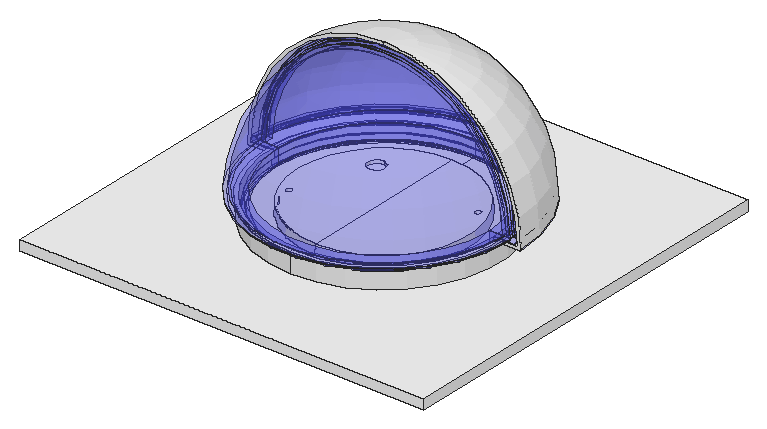
Revit family "BE_24024_de_DE", category Leuchten, Revit 2020
Family settings
  Basisbauteil = Fläche
  Bemaßung runder Anschluss = Durchmesser verwenden
  Teiletyp = Normal
  Beim Laden mit Abzugskörper schneiden = Ja
  Lichtquelle = Ja
  Gemeinsam genutzt = Nein
  Raumberechnungspunkt = Ja
Parameters (values of type "BEGA_24024_Weiß_K3")
  built-in parameter 1150104 = 8.8258 (stored number, unit not read)
  Wattage = 16 W
  Default Elevation = 0 mm
  built-in parameter 1150113 = 1 (stored number, unit not read)
  built-in parameter 1114218 = 1 (stored number, unit not read)
  Umgebungstemperatur = "25 °C"
  URL = "https://www.bega.com/de/produkt/24024"
  Typenkommentare = "© 2022 BEGA. Wir behalten uns das Recht vor, technische Änderungen ohne vorherige Ankündigung vorzunehmen."  # constant formula
  Type Image = 24024.png
  built-in parameter 1150134 = (empty or 0)
  built-in parameter 1150109 = 1 (stored number, unit not read)
  Strom = ""
  built-in parameter 1150110 = 1 (stored number, unit not read)
  Spannung = 230 V
  Sonderanfertigung = no
  Seriennummer [instance] = "Hier können Sie die eindeutige Seriennummer für das Facility Management eintragen."
  Schutzklasse = "I"
  Schutzart = "IP 44"
  Scheinlast = 0 VA
  Produktdatenblatt = "https://cdn.bega.com/bega/products/24024K3/current/documents/data-sheets/de"
  Oberflächentemperatur = ""
  Neigungswinkel = 0.00°
  Modell = "24024WK3"
  Material_17 = BEGA_Reflektor
  Material_15 = BEGA_Leuchtmedium_matt
  Material_11 = BEGA_Glas_opal
  Material_09 = BEGA_Glas_klar
  Material_06 = BEGA_Oberfläche_Edelstahl_gebürstet
  Material_03 = BEGA_Oberfläche_Weiss_matt
  Material_02 = BEGA_Oberfläche_Silber_matt
  Material_01 [instance] = BEGA_Oberfläche_Grafit_matt
  M_W = yes
  M_G = no
  M_A = no
  Logo = 0
  built-in parameter 1114217 = 1 (stored number, unit not read)
  built-in parameter 1150139 = (empty or 0)
  built-in parameter 1150105 = 120.96 (stored number, unit not read)
  built-in parameter 1150114 = 1 (stored number, unit not read)
  Lumens = 1520 lm
  built-in parameter 1150115 = 1 (stored number, unit not read)
  Leuchtenlichtstrom = "708 lm"
  Leuchtenanzahl = ""
  Lebensdauerkriterien = "L70B50 @ 25 °C = 82000 h"
  Lastklassifizierung = Beleuchtung
  built-in parameter 1150112 = 1 (stored number, unit not read)
  Lampenlichtstrom = "1520 lm"
  Lampe = "LED 14 W"
  LED_Modulbezeichnung = "LED-1246/830"
  built-in parameter 1150142 = (empty or 0)
  Hersteller = "BEGA"  # constant formula
  Halbstreuwinkel = ""
  Gewicht = "2.35 kg"
  Gebrauchslageneinschränkung [instance] = ""
  Frequenz = "50/60 Hz"
  Farbwiedergabeindex = "CRI > 80"
  Farbtemperaturverschiebung bei Dämpfen der Lampe = <Keine Auswahl>
  Farbtemperatur = "3000 K"
  Color Filter = 16777215
  built-in parameter 1150133 = 10 (stored number, unit not read)
  Energieeffizienzklasse = "LED A++ - A"
  built-in parameter 1150137 = (empty or 0)
  built-in parameter 1150132 = (empty or 0)
  ENEC = "ja"
  Dimmbar [instance] = "Phasenan- oder -abschnittdimmer"
  Datei für fotometrisches Netz = "BE_24024K3.IES"
  CE_Konformität = "ja"
  Bestellnummer = "24024WK3"
  Beschreibung_Sonderanfertigung = "Hier können Sie Informationen zur Sonderanfertigung eintragen."
  Beschreibung = "Wandleuchte"
  built-in parameter 1150106 = 1.2096 (stored number, unit not read)
  Befestigungsbohrung = "Ø 5,5 mm"
  Befestigungsabstand = "150 mm"
  Ballwurfsicher = ""
  BEGA_Intern_aus = yes
  BEGA_Intern_an = yes
  BEGA_Intern_Konstruktion = yes
  BEGA_Intern = yes
  BEGA_IES = yes
  BEGA_Dummy = no
  Anschlussleitung = ""
  Anschlussleistung [instance] = "14 W"
  Anschlusskasten = ""
  built-in parameter 1150107 = 3000 (stored number, unit not read)
  built-in parameter 1150102 = (empty or 0)
  built-in parameter 1150138 = (empty or 0)
  Aktualisierung = "2022-05-18T04:00:07"
  Abstand_zur_angestrahlten_Fläche [instance] = ""
  AC/DC = "AC"
Types (2, lengths in mm): name | Modell | M_W | M_G | Bestellnummer
  BEGA_24024_Weiß_K3 | "24024WK3" | yes | no | "24024WK3"
  BEGA_24024_Grafit_K3 | "24024K3" | no | yes | "24024K3"
Reference planes
  plane 1 "Mitte (Vorne/Hinten)": y = 0
  plane 2: z = 0
  plane 3 "Mitte (Links/Rechts)": x = 0
  plane 4 "Links": x = -135
  plane 5 "Rechts": x = 135
  plane 6 "Unten": y = -124.366
  plane 7 "Oben": y = 135.581
  plane 8 "Vorne": z = 157.599
  plane 9 "Hinten": z = 0
Forms (mm)
  Extrusion 1, solid, material "BEGA_Platte_Weiss"
    sketch origin (0, -1119.2, 0) x (1, 0, 0) y (0, 1, 0)
      loop
        line (-200, 1319.2) -> (-200, 919.2) -> (200, 919.2) -> (200, 1319.2) -> (-200, 1319.2)
    from 0 to -10
  Extrusion 2, solid, material "BEGA_Dummy_matt", visible <- "BEGA_Dummy"
    sketch origin (77.149, -76.023, 0) x (1, 0, 0) y (0, 1, 0)
      loop
        circle (-77.149, 76.023) r 135
    from 0 to 157.599
Dimensions and locks
  plane 1 "Mitte (Vorne/Hinten)" to Extrusion 1 = 200 mm
  aligned and locked: plane 2 to Extrusion 1
  aligned and locked: level to Extrusion 1
Nested families
  nested 1: "BE_24024" at (0, 0, 0) x (0, -1, 0) z (0, 0, 1), type "BE_24024"
Connectors
  electrical at (0, 0, 0), driven by "Lastklassifizierung", driven by "Spannung", driven by "Scheinlast"
    settings: index 1, voltage 230 V, apparent load 0 VA, apparent load phase1 0 VA, apparent load phase2 0 VA, apparent load phase3 0 VA, power factor 1, load classification "Beleuchtung", number of poles 1, system type 31, power factor state 1, is connector primary yes, connector utility no, sub classification motor no, connector description ""
Definition of nested family "BE_24024"
  Parameters (values of type "BE_24024")
    Default Elevation = 1 mm
    URL = "http://www.bega.de/de/produkt"
    Type Comments = "© 2015 BEGA. Wir behalten uns das Recht vor, technische Änderungen ohne vorherige Ankündigung vorzunehmen. "  # constant formula
    Type Image = (empty or 0)
    Neigungswinkel_um_Z2 = 0.00°
    Neigungswinkel_um_Z1 = 0.00°
    Neigungswinkel_um_Y2 = 0.00°
    Neigungswinkel_um_Y1 = 0.00°
    Neigungswinkel_um_X2 = 0.00°
    Neigungswinkel_um_X1 = 0.00°
    Material_17 = none
    Material_15 = none
    Material_11 = none
    Material_09 = none
    Material_06 = none
    Material_05 = none
    Material_03 = none
    Material_02 = none
    Material_01 = none
    M_W = yes
    M_G = yes
    M_A = yes
    Länge_Platte = 350 mm  # constant formula
    Höhe_Platte = -10 mm  # constant formula
    Manufacturer = "BEGA"  # constant formula
    Drehwinkel_um_Z2 = 0.00°
    Drehwinkel_um_Z1 = 0.00°
    Breite_Platte = 350 mm  # constant formula
  Reference planes
    plane 1 "Mitte (Oben/Unten)": y = 0
    plane 2: z = 0
    plane 3 "Mitte (Links/Rechts)": x = 0
    plane 4 "Unten": y = -135
    plane 5: x = -135.581
    plane 6: z = 157.599
    plane 7: x = 124.366
    plane 8: y = 135
  Forms (mm)
    Extrusion 1, solid, detail levels medium
      sketch origin (0, 0, 0) x (1, 0, 0) y (0, 1, 0)
        loop
          line (-175, 175) -> (-175, -175) -> (175, -175) -> (175, 175) -> (-175, 175)
      from 0 to -10 <- "Höhe_Platte"
    Revolve 2, solid, material <- "Material_01", visible <- "M_G", detail levels medium+fine
      sketch origin (0, 0, 0) x (1, 0, 0) y (0, 0, 1)
        loop
          line (-115.28, 20.21) -> (-114.662, 2.5) -> (-112.01, 2.5) -> (-112.01, 3.7) -> (-85.19, 3.7)
          arc (-85.19, 3.7) -> (-83.125, 4.524) -> (-82.194, 6.543) r 3
          line (-82.194, 6.543) -> (-81.829, 13.5) -> (0, 13.5) -> (0, 16.3) -> (-84.486, 16.3) -> (-85, 6.5) -> (-111.034, 6.5)
          arc (-111.034, 6.5) -> (-111.729, 6.78) -> (-112.034, 7.464) r 1
          line (-112.034, 7.464) -> (-112.559, 22.5) -> (-116, 22.5) -> (-116, 20.8) -> (-115.28, 20.21)
        axis (0, 2.5) -> (0, 22.5)
      angle from 0 to 360
    Revolve 3, solid, material <- "Material_01", visible <- "M_G", detail levels medium+fine
      sketch origin (0, 0, 0) x (1, 0, 0) y (0, 0, 1)
        loop
          arc (97.552, 1.995) -> (98.421, 0.562) -> (100, 0) r 2.5
          line (100, 0) -> (100, 3.7) -> (97.2, 3.7) -> (97.552, 1.995)
        axis (100, 0) -> (100, 3.7)
      angle from 0 to 360
    Revolve 4, solid, material <- "Material_01", visible <- "M_G", detail levels medium+fine
      sketch origin (0, 0, 0) x (-0.5, -0.866025, 0) y (0, 0, 1)
        loop
          arc (97.552, 1.995) -> (98.421, 0.562) -> (100, 0) r 2.5
          line (100, 0) -> (100, 3.7) -> (97.2, 3.7) -> (97.552, 1.995)
        axis (100, 0) -> (100, 3.7)
      angle from 0 to 360
    Revolve 5, solid, material <- "Material_01", visible <- "M_G", detail levels medium+fine
      sketch origin (0, 0, 0) x (-0.5, 0.866025, 0) y (0, 0, 1)
        loop
          arc (97.552, 1.995) -> (98.421, 0.562) -> (100, 0) r 2.5
          line (100, 0) -> (100, 3.7) -> (97.2, 3.7) -> (97.552, 1.995)
        axis (100, 0) -> (100, 3.7)
      angle from 0 to 360
    Revolve 6, solid, material <- "Material_11", detail levels medium+fine
      sketch origin (0, 0, 0) x (1, 0, 0) y (0, 0, 1)
        loop
          arc (120.255, 28.994) -> (119.73, 27.541) -> (118.326, 26.896) r 2
          line (118.326, 26.896) -> (103.904, 26.896) -> (103.904, 12.5) -> (106.404, 10.5) -> (106.404, 8.5) -> (110.404, 8.5) -> (110.404, 14.159) -> (107.904, 16.31) -> (107.904, 23) -> (121.44, 23)
          arc (121.44, 23) -> (123.54, 23.931) -> (124.366, 26.073) r 3
          arc (124.366, 26.073) -> (86.699, 112.469) -> (-0.596, 148) r 125
          line (-0.596, 148) -> (-0.596, 144)
          arc (-0.596, 144) -> (82.818, 110.654) -> (120.255, 28.994) r 121
        axis (-0.596, 8.5) -> (-0.596, 148)
      angle from -90 to 90
    Revolve 7, solid, material <- "Material_11", detail levels medium+fine
      sketch origin (0, 0, 0) x (1, 0, 0) y (0, 0, 1)
        loop
          arc (-0.596, 148) -> (-2.154, 147.99) -> (-3.712, 147.961) r 125
          arc (-3.712, 147.961) -> (-5.096, 148.509) -> (-5.756, 149.826) r 2
          line (-5.756, 149.826) -> (-5.943, 151.965)
          arc (-5.943, 151.965) -> (-6.633, 153.307) -> (-8.062, 153.787) r 2
          arc (-8.062, 153.787) -> (-94.482, 114.359) -> (-131.538, 26.896) r 131
          line (-131.538, 26.896) -> (-127.536, 26.896)
          arc (-127.536, 26.896) -> (-92.759, 110.378) -> (-11.248, 149.552) r 127
          arc (-11.248, 149.552) -> (-10.152, 149.202) -> (-9.627, 148.179) r 1.5
          line (-9.627, 148.179) -> (-9.234, 143.691)
          arc (-9.234, 143.691) -> (-4.918, 143.923) -> (-0.596, 144) r 121
          line (-0.596, 144) -> (-0.596, 148)
        axis (-131.538, 26.896) -> (-0.596, 26.896)
      angle from -90 to 90
    Revolve 8, solid, material <- "Material_11", detail levels medium+fine
      sketch origin (0, 0, 0) x (1, 0, 0) y (0, 0, 1)
        loop
          line (-109.096, 23) -> (-109.096, 16.31) -> (-111.596, 14.159) -> (-111.596, 8.5) -> (-107.596, 8.5) -> (-107.596, 10.349) -> (-105.096, 12.5) -> (-105.096, 26.896) -> (-125.528, 26.896)
          arc (-125.528, 26.896) -> (-126.932, 27.541) -> (-127.457, 28.994) r 2
          line (-127.457, 28.994) -> (-131.459, 28.994)
          arc (-131.459, 28.994) -> (-131.518, 27.532) -> (-131.56, 26.07) r 131
          arc (-131.56, 26.07) -> (-130.727, 23.925) -> (-128.619, 23) r 3
          line (-128.619, 23) -> (-109.096, 23)
        axis (-0.596, 28.994) -> (-0.596, 8.5)
      angle from -90 to 90
    Revolve 9, solid, material <- "Material_01", visible <- "M_G"
      sketch origin (0, 0, 0) x (1, 0, 0) y (0, 0, 1)
        loop
          arc (-1.098, 157.601) -> (-96.942, 117.165) -> (-135.58, 20.582) r 135
          arc (-135.58, 20.582) -> (-135.282, 19.886) -> (-134.581, 19.599) r 1
          line (-134.581, 19.599) -> (-117.346, 19.599) -> (-117.346, 22.5) -> (-132.596, 22.5)
          arc (-132.596, 22.5) -> (-93.969, 115.903) -> (-0.596, 154.6) r 132
          line (-0.596, 154.6) -> (-0.596, 157.099)
          arc (-0.596, 157.099) -> (-0.743, 157.453) -> (-1.098, 157.601) r 0.5
        axis (-0.596, 157.601) -> (-0.596, 19.599)
      angle from -90 to 90
    Extrusion 10, void
      sketch origin (0, 0, 0) x (1, 0, 0) y (0, 1, 0)
        loop
          circle (-31.696, 67.973) r 2.75
        loop
          circle (31.696, -67.973) r 2.75
        loop
          circle (-41, -40) r 8.5
      from 0 to 17.6
    Revolve 11, solid, material <- "Material_03", visible <- "M_W"
      sketch origin (0, 0, 0) x (1, 0, 0) y (0, 0, 1)
        loop
          arc (-1.098, 157.601) -> (-96.942, 117.165) -> (-135.58, 20.582) r 135
          arc (-135.58, 20.582) -> (-135.282, 19.886) -> (-134.581, 19.599) r 1
          line (-134.581, 19.599) -> (-117.346, 19.599) -> (-117.346, 22.5) -> (-132.596, 22.5)
          arc (-132.596, 22.5) -> (-93.969, 115.903) -> (-0.596, 154.6) r 132
          line (-0.596, 154.6) -> (-0.596, 157.099)
          arc (-0.596, 157.099) -> (-0.743, 157.453) -> (-1.098, 157.601) r 0.5
        axis (-0.596, 157.601) -> (-0.596, 19.599)
      angle from -90 to 90
    Revolve 12, solid, material <- "Material_03", visible <- "M_W", detail levels medium+fine
      sketch origin (0, 0, 0) x (1, 0, 0) y (0, 0, 1)
        loop
          line (-115.28, 20.21) -> (-114.662, 2.5) -> (-112.01, 2.5) -> (-112.01, 3.7) -> (-85.19, 3.7)
          arc (-85.19, 3.7) -> (-83.125, 4.524) -> (-82.194, 6.543) r 3
          line (-82.194, 6.543) -> (-81.829, 13.5) -> (0, 13.5) -> (0, 16.3) -> (-84.486, 16.3) -> (-85, 6.5) -> (-111.034, 6.5)
          arc (-111.034, 6.5) -> (-111.729, 6.78) -> (-112.034, 7.464) r 1
          line (-112.034, 7.464) -> (-112.559, 22.5) -> (-116, 22.5) -> (-116, 20.8) -> (-115.28, 20.21)
        axis (0, 2.5) -> (0, 22.5)
      angle from 0 to 360
    Revolve 13, solid, material <- "Material_03", visible <- "M_W", detail levels medium+fine
      sketch origin (0, 0, 0) x (1, 0, 0) y (0, 0, 1)
        loop
          arc (97.552, 1.995) -> (98.421, 0.562) -> (100, 0) r 2.5
          line (100, 0) -> (100, 3.7) -> (97.2, 3.7) -> (97.552, 1.995)
        axis (100, 0) -> (100, 3.7)
      angle from 0 to 360
    Revolve 14, solid, material <- "Material_03", visible <- "M_W", detail levels medium+fine
      sketch origin (0, 0, 0) x (-0.5, -0.866025, 0) y (0, 0, 1)
        loop
          arc (97.552, 1.995) -> (98.421, 0.562) -> (100, 0) r 2.5
          line (100, 0) -> (100, 3.7) -> (97.2, 3.7) -> (97.552, 1.995)
        axis (100, 0) -> (100, 3.7)
      angle from 0 to 360
    Revolve 15, solid, material <- "Material_03", visible <- "M_W", detail levels medium+fine
      sketch origin (0, 0, 0) x (-0.5, 0.866025, 0) y (0, 0, 1)
        loop
          arc (97.552, 1.995) -> (98.421, 0.562) -> (100, 0) r 2.5
          line (100, 0) -> (100, 3.7) -> (97.2, 3.7) -> (97.552, 1.995)
        axis (100, 0) -> (100, 3.7)
      angle from 0 to 360
  Cuts and joins
    Extrusion 10 cuts Revolve 2
    Extrusion 10 cuts Revolve 3
    Extrusion 10 cuts Revolve 4
    Extrusion 10 cuts Revolve 5
    joined: Revolve 2, Revolve 3, Revolve 4, Revolve 5
    Extrusion 10 cuts Revolve 6
    Extrusion 10 cuts Revolve 7
    joined: Revolve 6, Revolve 7
    Extrusion 10 cuts Revolve 9
    Extrusion 10 cuts Revolve 12
    joined: Revolve 12, Revolve 13, Revolve 14, Revolve 15
  Dimensions and locks
    equal spacing: Extrusion 1 sketch curve, plane 3 "Mitte (Links/Rechts)", Extrusion 1 sketch curve
    equal spacing: Extrusion 1 sketch curve, plane 1 "Mitte (Oben/Unten)", Extrusion 1 sketch curve
    "Länge_Platte": Extrusion 1 sketch curve to Extrusion 1 sketch curve
    "Breite_Platte": Extrusion 1 sketch curve to Extrusion 1 sketch curve
    aligned and locked: plane 2 to Extrusion 1
    aligned and locked: level to Extrusion 1
  Automatic sketch dimensions
    Revolve 3 sketch curve to Revolve 3 sketch curve = 2.8 mm
    Revolve 3 sketch curve to Revolve 3 sketch curve = 0 mm  (x6)
    Revolve 3 sketch curve to Revolve 3 sketch curve = 1.2 mm
    Revolve 3 sketch curve to Revolve 3 sketch curve = 0.352 mm
    Revolve 3 sketch curve to Revolve 3 sketch curve = 2.5 mm
    Revolve 4 sketch curve to Revolve 4 sketch curve = 2.8 mm
    Revolve 4 sketch curve to Revolve 4 sketch curve = 0 mm  (x6)
    Revolve 4 sketch curve to Revolve 4 sketch curve = 1.2 mm
    Revolve 4 sketch curve to Revolve 4 sketch curve = 0.352 mm
    Revolve 4 sketch curve to Revolve 4 sketch curve = 2.5 mm
    Revolve 5 sketch curve to Revolve 5 sketch curve = 2.8 mm
    Revolve 5 sketch curve to Revolve 5 sketch curve = 0 mm  (x6)
    Revolve 5 sketch curve to Revolve 5 sketch curve = 1.2 mm
    Revolve 5 sketch curve to Revolve 5 sketch curve = 0.352 mm
    Revolve 5 sketch curve to Revolve 5 sketch curve = 2.5 mm
    level to Revolve 3 sketch curve = 3.7 mm
    plane 3 "Mitte (Links/Rechts)" to Revolve 3 sketch curve = 97.2 mm
    level to Revolve 4 sketch curve = 3.7 mm
    level to Revolve 5 sketch curve = 3.7 mm
    Revolve 6 sketch curve to plane 3 "Mitte (Links/Rechts)" = 0.596 mm  (x3)
    level to Revolve 6 sketch curve = 12.5 mm
    Revolve 6 sketch curve to Revolve 6 sketch curve = 2.5 mm  (x2)
    level to Revolve 6 sketch curve = 10.5 mm
    Revolve 6 sketch curve to Revolve 6 sketch curve = 0 mm  (x5)
    Revolve 6 sketch curve to Revolve 6 sketch curve = 4 mm  (x2)
    level to Revolve 6 sketch curve = 14.159 mm
    Revolve 6 sketch curve to Revolve 6 sketch curve = 2 mm
    Revolve 6 sketch curve to Revolve 6 sketch curve = 2.151 mm
    level to Revolve 6 sketch curve = 23 mm
    Revolve 6 sketch curve to Revolve 6 sketch curve = 1.998 mm
    Revolve 6 sketch curve to Revolve 6 sketch curve = 0.073 mm
    level to Revolve 6 sketch curve = 26.896 mm
    Revolve 6 sketch curve to Revolve 6 sketch curve = 3.154 mm
    Revolve 6 sketch curve to Revolve 6 sketch curve = 6.108 mm
    Revolve 6 sketch curve to Revolve 6 sketch curve = 10.354 mm
    Revolve 6 sketch curve to Revolve 6 sketch curve = 2.999 mm
    Revolve 6 sketch curve to Revolve 6 sketch curve = 1.999 mm
    Revolve 6 sketch curve to Revolve 6 sketch curve = 0.068 mm
    Revolve 6 sketch curve to Revolve 6 sketch curve = 3.896 mm
    Revolve 7 sketch curve to Revolve 7 sketch curve = 0 mm  (x10)
    level to Revolve 7 sketch curve = 26.896 mm
    Revolve 7 sketch curve to Revolve 7 sketch curve = 4.002 mm
    Revolve 7 sketch curve to plane 3 "Mitte (Links/Rechts)" = 11.122 mm
    Revolve 7 sketch curve to Revolve 7 sketch curve = 1.495 mm
    Revolve 7 sketch curve to Revolve 7 sketch curve = 0.393 mm
    Revolve 7 sketch curve to Revolve 7 sketch curve = 1.69 mm
    Revolve 7 sketch curve to plane 3 "Mitte (Links/Rechts)" = 3.763 mm
    Revolve 7 sketch curve to plane 3 "Mitte (Links/Rechts)" = 0.596 mm  (x2)
    level to Revolve 7 sketch curve = 23 mm
    Revolve 7 sketch curve to Revolve 7 sketch curve = 4 mm
    Revolve 7 sketch curve to Revolve 7 sketch curve = 4.366 mm
    Revolve 7 sketch curve to Revolve 7 sketch curve = 0.122 mm
    Revolve 7 sketch curve to Revolve 7 sketch curve = 2 mm
    Revolve 7 sketch curve to Revolve 7 sketch curve = 3.612 mm
    Revolve 7 sketch curve to Revolve 7 sketch curve = 1.532 mm
    Revolve 7 sketch curve to Revolve 7 sketch curve = 37.824 mm
    Revolve 7 sketch curve to Revolve 7 sketch curve = 0.126 mm
    Revolve 7 sketch curve to Revolve 7 sketch curve = 0.125 mm
    Revolve 7 sketch curve to Revolve 7 sketch curve = 1.992 mm  (x2)
    Revolve 7 sketch curve to Revolve 7 sketch curve = 0.002 mm
    Revolve 7 sketch curve to Revolve 7 sketch curve = 0.05 mm
    Revolve 7 sketch curve to Revolve 7 sketch curve = 0.001 mm
    Revolve 7 sketch curve to Revolve 7 sketch curve = 0.04 mm
    Revolve 8 sketch curve to Revolve 8 sketch curve = 2.84 mm
    Revolve 8 sketch curve to Revolve 8 sketch curve = 0.058 mm
    Revolve 8 sketch curve to Revolve 8 sketch curve = 1.104 mm
    Revolve 8 sketch curve to Revolve 8 sketch curve = 1.998 mm
    level to Revolve 8 sketch curve = 8.5 mm
    Revolve 8 sketch curve to Revolve 8 sketch curve = 17.023 mm
    Revolve 8 sketch curve to Revolve 8 sketch curve = 2.5 mm
    Revolve 8 sketch curve to Revolve 8 sketch curve = 4 mm  (x2)
    Revolve 8 sketch curve to plane 3 "Mitte (Links/Rechts)" = 0.596 mm  (x2)
    Revolve 8 sketch curve to Revolve 8 sketch curve = 1.849 mm
    Revolve 8 sketch curve to Revolve 8 sketch curve = 2.151 mm  (x2)
    Revolve 8 sketch curve to Revolve 8 sketch curve = 3.81 mm
    level to Revolve 8 sketch curve = 22.999 mm
    Revolve 8 sketch curve to Revolve 8 sketch curve = 6.691 mm
    Revolve 8 sketch curve to Revolve 8 sketch curve = 2.999 mm
    Revolve 8 sketch curve to Revolve 8 sketch curve = 3.896 mm
    Revolve 8 sketch curve to Revolve 8 sketch curve = 23.887 mm
    Revolve 8 sketch curve to Revolve 8 sketch curve = 0.099 mm
    Revolve 8 sketch curve to Revolve 8 sketch curve = 0.068 mm
    level to Revolve 9 sketch curve = 20.599 mm
    Revolve 9 sketch curve to Revolve 9 sketch curve = 1.985 mm
    Revolve 9 sketch curve to Revolve 9 sketch curve = 15.25 mm
    Revolve 9 sketch curve to plane 3 "Mitte (Links/Rechts)" = 1.096 mm
    Revolve 9 sketch curve to plane 3 "Mitte (Links/Rechts)" = 0.596 mm  (x2)
    Revolve 9 sketch curve to Revolve 9 sketch curve = 0 mm  (x3)
    Revolve 9 sketch curve to Revolve 9 sketch curve = 1 mm
    Revolve 9 sketch curve to Revolve 9 sketch curve = 2.901 mm
    level to Revolve 9 sketch curve = 22.6 mm
    Revolve 9 sketch curve to Revolve 9 sketch curve = 0.002 mm  (x2)
    Revolve 9 sketch curve to Revolve 9 sketch curve = 2.499 mm
    Revolve 9 sketch curve to Revolve 9 sketch curve = 0.999 mm
    Revolve 9 sketch curve to Revolve 9 sketch curve = 18.484 mm
    Revolve 7 sketch curve to Revolve 7 sketch curve = 126.94 mm
    Revolve 8 sketch curve to plane 5 = 30.485 mm
    Revolve 9 sketch curve to plane 6 = 0 mm
    plane 7 to Revolve 6 sketch curve = 20.462 mm
    Revolve 7 sketch curve to Revolve 7 sketch curve = 5.861 mm
    plane 6 to Revolve 8 sketch curve = 26.887 mm
    Extrusion 10 sketch curve to plane 3 "Mitte (Links/Rechts)" = 41 mm
    Extrusion 10 sketch curve to plane 3 "Mitte (Links/Rechts)" = 31.696 mm
    plane 3 "Mitte (Links/Rechts)" to Extrusion 10 sketch curve = 31.696 mm
    plane 4 "Unten" to Extrusion 10 sketch curve = 67.027 mm
    plane 1 "Mitte (Oben/Unten)" to Extrusion 10 sketch curve = 40 mm
    plane 8 to Extrusion 10 sketch curve = 67.027 mm
    Revolve 2 sketch curve to plane 3 "Mitte (Links/Rechts)" = 0 mm  (x2)
    Revolve 2 sketch curve to plane 5 = 51.095 mm
    level to Revolve 2 sketch curve = 6.5 mm
    Revolve 2 sketch curve to Revolve 2 sketch curve = 0.514 mm
    Revolve 2 sketch curve to Revolve 2 sketch curve = 0.19 mm
    level to Revolve 2 sketch curve = 7.5 mm
    Revolve 2 sketch curve to plane 5 = 24.547 mm
    Revolve 2 sketch curve to Revolve 2 sketch curve = 0.976 mm
    level to Revolve 2 sketch curve = 7.464 mm
    Revolve 2 sketch curve to Revolve 2 sketch curve = 0.525 mm
    Revolve 2 sketch curve to Revolve 2 sketch curve = 2.652 mm
    Revolve 2 sketch curve to Revolve 2 sketch curve = 2.722 mm
    Revolve 2 sketch curve to Revolve 2 sketch curve = 0.719 mm
    Revolve 2 sketch curve to Revolve 2 sketch curve = 2.8 mm  (x2)
    level to Revolve 2 sketch curve = 2.5 mm
    Revolve 2 sketch curve to Revolve 2 sketch curve = 0.2 mm
    Revolve 2 sketch curve to Revolve 2 sketch curve = 12.746 mm
    Revolve 2 sketch curve to Revolve 2 sketch curve = 0.59 mm
    Revolve 2 sketch curve to Revolve 2 sketch curve = 1.7 mm
    Revolve 2 sketch curve to Revolve 2 sketch curve = 2.657 mm
    level to Revolve 2 sketch curve = 13.5 mm
    level to Revolve 2 sketch curve = 6.543 mm
    Revolve 2 sketch curve to Revolve 2 sketch curve = 2.806 mm
    Revolve 2 sketch curve to Revolve 2 sketch curve = 0 mm  (x3)
    Revolve 2 sketch curve to Revolve 2 sketch curve = 6.189 mm
    Revolve 2 sketch curve to Revolve 2 sketch curve = 28.113 mm
    Revolve 11 sketch curve to plane 6 = 0 mm
    Revolve 11 sketch curve to plane 5 = 1 mm
    Revolve 11 sketch curve to Revolve 11 sketch curve = 1.985 mm
    Revolve 11 sketch curve to Revolve 11 sketch curve = 15.25 mm
    plane 6 to Revolve 11 sketch curve = 0.5 mm
    Revolve 11 sketch curve to plane 3 "Mitte (Links/Rechts)" = 1.096 mm
    Revolve 11 sketch curve to plane 3 "Mitte (Links/Rechts)" = 0.596 mm  (x2)
    Revolve 11 sketch curve to Revolve 11 sketch curve = 0 mm  (x2)
    Revolve 11 sketch curve to Revolve 11 sketch curve = 2.499 mm
    level to Revolve 11 sketch curve = 22.602 mm
    Revolve 11 sketch curve to Revolve 11 sketch curve = 0.002 mm
    Revolve 11 sketch curve to Revolve 11 sketch curve = 1.901 mm
    Revolve 11 sketch curve to Revolve 11 sketch curve = 1 mm
    Revolve 11 sketch curve to plane 5 = 0 mm
    Revolve 11 sketch curve to plane 6 = 0.002 mm
    Revolve 11 sketch curve to Revolve 11 sketch curve = 18.484 mm
    Revolve 12 sketch curve to plane 3 "Mitte (Links/Rechts)" = 0 mm  (x2)
    level to Revolve 12 sketch curve = 13.5 mm
    Revolve 12 sketch curve to plane 5 = 53.752 mm
    Revolve 12 sketch curve to Revolve 12 sketch curve = 2.657 mm
    level to Revolve 12 sketch curve = 6.5 mm
    Revolve 12 sketch curve to Revolve 12 sketch curve = 3.171 mm
    Revolve 12 sketch curve to Revolve 12 sketch curve = 0.19 mm
    level to Revolve 12 sketch curve = 7.5 mm
    Revolve 12 sketch curve to plane 5 = 24.547 mm
    Revolve 12 sketch curve to Revolve 12 sketch curve = 0.976 mm
    level to Revolve 12 sketch curve = 7.464 mm
    Revolve 12 sketch curve to Revolve 12 sketch curve = 0.525 mm
    Revolve 12 sketch curve to Revolve 12 sketch curve = 2.652 mm
    Revolve 12 sketch curve to Revolve 12 sketch curve = 2.722 mm
    Revolve 12 sketch curve to Revolve 12 sketch curve = 0.719 mm
    Revolve 12 sketch curve to Revolve 12 sketch curve = 2.8 mm  (x2)
    level to Revolve 12 sketch curve = 2.5 mm
    Revolve 12 sketch curve to Revolve 12 sketch curve = 0.2 mm
    Revolve 12 sketch curve to Revolve 12 sketch curve = 12.746 mm
    Revolve 12 sketch curve to Revolve 12 sketch curve = 0.59 mm
    Revolve 12 sketch curve to Revolve 12 sketch curve = 1.7 mm
    level to Revolve 12 sketch curve = 6.543 mm
    Revolve 12 sketch curve to Revolve 12 sketch curve = 2.806 mm
    Revolve 12 sketch curve to Revolve 12 sketch curve = 0 mm  (x3)
    Revolve 12 sketch curve to Revolve 12 sketch curve = 6.189 mm
    Revolve 12 sketch curve to Revolve 12 sketch curve = 28.113 mm
    level to Revolve 13 sketch curve = 3.7 mm
    plane 7 to Revolve 13 sketch curve = 27.166 mm
    Revolve 13 sketch curve to Revolve 13 sketch curve = 2.8 mm
    Revolve 13 sketch curve to Revolve 13 sketch curve = 0 mm  (x5)
    Revolve 13 sketch curve to Revolve 13 sketch curve = 1.2 mm
    level to Revolve 13 sketch curve = 0 mm
    level to Revolve 13 sketch curve = 1.995 mm
    Revolve 13 sketch curve to Revolve 13 sketch curve = 0.352 mm
    level to Revolve 14 sketch curve = 3.7 mm
    Revolve 14 sketch curve to Revolve 14 sketch curve = 2.8 mm
    Revolve 14 sketch curve to Revolve 14 sketch curve = 0 mm  (x5)
    Revolve 14 sketch curve to Revolve 14 sketch curve = 1.2 mm
    level to Revolve 14 sketch curve = 0 mm
    level to Revolve 14 sketch curve = 1.995 mm
    Revolve 14 sketch curve to Revolve 14 sketch curve = 0.352 mm
    level to Revolve 15 sketch curve = 3.7 mm
    Revolve 15 sketch curve to Revolve 15 sketch curve = 2.8 mm
    Revolve 15 sketch curve to Revolve 15 sketch curve = 0 mm  (x5)
    Revolve 15 sketch curve to Revolve 15 sketch curve = 1.2 mm
    level to Revolve 15 sketch curve = 0 mm
    level to Revolve 15 sketch curve = 1.995 mm
    Revolve 15 sketch curve to Revolve 15 sketch curve = 0.352 mm
    radius of Extrusion 10 sketch curve = 2.75 mm  (x2)
    radius of Extrusion 10 sketch curve = 8.5 mm
